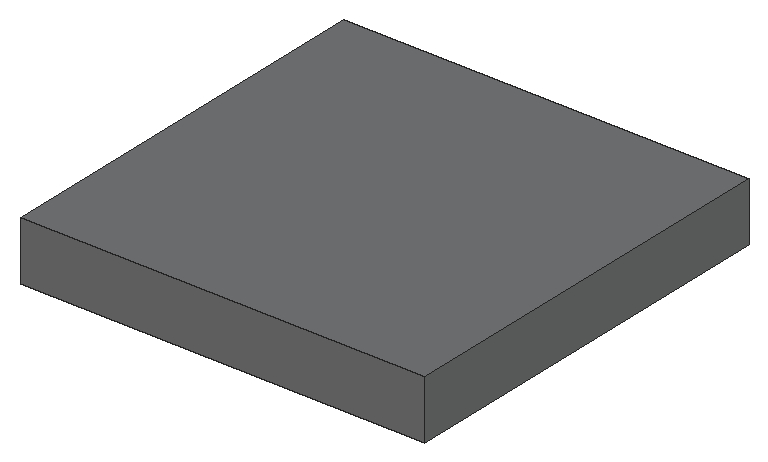
Revit family "Gira_536128", category Electrical Fixtures, host Face, Revit 2017
Family settings
  Host = Face
  Maintain Annotation Orientation = No
  Round Connector Dimension = Use Diameter
  Part Type = Normal
  Cut with Voids When Loaded = No
  Shared = No
  Room Calculation Point = No
Parameters (values of type "S3000 Bedienaufs. Pfeilsymbole System 55 Anthrazit")
  Werkstoffgüte = "sonstige"
  Werkstoff = "sonstige"
  URL = "http://katalog.gira.de/de_DE/datenblatt.html?artikelnr=536128"
  Transparent = "No"
  Region = "DE"
  Oberfläche = "sonstige"
  Name = "S3000 Bedienaufs. Pfeilsymbole System 55 Anthrazit"
  Mit LED-Anzeige = "No"
  Mit Abdeckung = "Yes"
  Manufacturer URL = "https://www.gira.de/"
  Keynote = "Sys55_Abdeckung_Schalten und Tasten"
  HeinzeBIM = "https://bimportal.heinze.de/bim/s3000-bedienaufs-pfeilsymbole-system-55-anthrazit/a23a75837f72eefd420dcbc8247a54ed12c5a4ee"
  Halogenfrei = "Yes"
  HAN = "536128"
  Geeignet für Schalteinsatz = "No"
  Geeignet für Jalousieeinsatz = "Yes"
  Geeignet für Dimmeinsatz = "No"
  GTIN = "4010337027317"
  Farbe = "anthrazit"
  Default Elevation = 1219.2 mm
  Data sheet (1) = "https://katalog.gira.de/de_DE/download.html?artikelnr=536128"
  Category = "Bedienelement intelligent"
  Available = "Yes"
  Ausführung der Oberfläche = "nicht zutreffend"
  Anzahl der Tasten = "1 "
  Anzahl der Betätigungspunkte = "2 "
  Anwendung = "Steuern elektrischer Verbraucher"
  Anthrazit [instance] = Anthrazit
Reference planes
  plane 1 "Center (Front/Back)": y = 0
  plane 2: z = 0
  plane 3 "Center (Left/Right)": x = 0
Forms (mm)
  Extrusion 1, solid, material "Anthrazit" <- "Anthrazit", detail levels fine
    sketch origin (0, 0, 0) x (1, 0, 0) y (0, 1, 0)
      loop
        line (-27.5, 27.5) -> (-27.5, -27.5) -> (27.5, -27.5) -> (27.5, 27.5) -> (-27.5, 27.5)
    from 0 to 8
  Extrusion 2, void
    sketch origin (0, 0, 0) x (1, 0, 0) y (0, 1, 0)
      loop
        line (26, 26) -> (-26, 26) -> (-26, -26) -> (26, -26) -> (26, 26)
    from 0 to 6
  Extrusion 3, solid, material "Anthrazit" <- "Anthrazit", detail levels medium
    sketch origin (0, 0, 0) x (1, 0, 0) y (0, 1, 0)
      loop
        line (-27.5, 27.5) -> (-27.5, -27.5) -> (27.5, -27.5) -> (27.5, 27.5) -> (-27.5, 27.5)
    from 0 to 8
  Extrusion 4, solid, material "Anthrazit" <- "Anthrazit", detail levels medium
    sketch origin (0, 0, 0) x (1, 0, 0) y (0, 1, 0)
      loop
        line (11, -17.5) -> (11, 17.5) -> (-11, 17.5) -> (-11, -17.5) -> (11, -17.5)
    from -6 to 6
  Extrusion 5, solid, material "Anthrazit" <- "Anthrazit", detail levels fine
    sketch origin (0, 0, 0) x (1, 0, 0) y (0, 1, 0)
      loop
        line (11, 17.5) -> (-11, 17.5) -> (-11, 16.5) -> (11, 16.5) -> (11, 17.5)
      loop
        line (-11, -16.5) -> (-11, -17.5) -> (11, -17.5) -> (11, -16.5) -> (-11, -16.5)
    from -4 to 6
  Extrusion 6, solid, material "Anthrazit" <- "Anthrazit", detail levels fine
    sketch origin (0, 0, 0) x (1, 0, 0) y (0, 1, 0)
      loop
        arc (5, 9.347) -> (0, 10.6) -> (-5, 9.347) r 10.6
        line (-5, 9.347) -> (-5, -9.347)
        arc (-5, -9.347) -> (0, -10.6) -> (5, -9.347) r 10.6
        line (5, -9.347) -> (5, 9.347)
    from -6 to 6
  Extrusion 7, solid, material "Anthrazit" <- "Anthrazit", detail levels coarse
    sketch origin (0, 0, 0) x (1, 0, 0) y (0, 1, 0)
      loop
        line (-27.5, 27.5) -> (-27.5, -27.5) -> (27.5, -27.5) -> (27.5, 27.5) -> (-27.5, 27.5)
    from -6 to 8
Cuts and joins
  Extrusion 2 cuts Extrusion 1
Dimensions and locks
  aligned and locked: plane 2 to host face
  aligned and locked: level to host face
